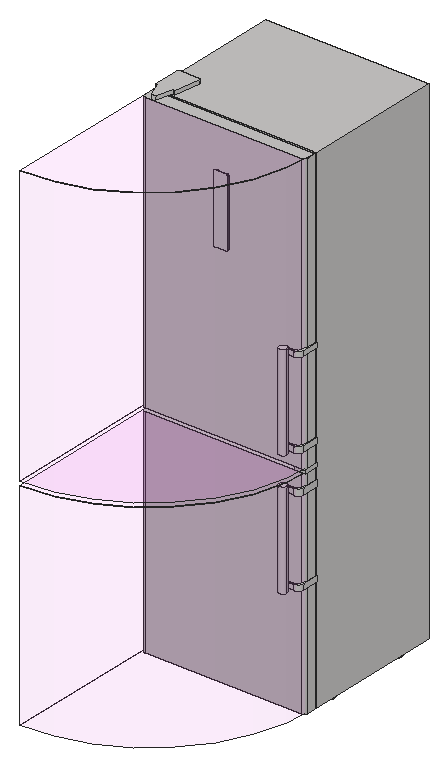
Revit family "QF_Summit_FFBF249SS2_Freezer_Refrigerator", category Specialty Equipment, Revit 2020
Family settings
  Round Connector Dimension = Use Diameter
  Part Type = Normal
  Work Plane-Based = No
  Always vertical = Yes
  Cut with Voids When Loaded = No
  Shared = No
  Room Calculation Point = No
Parameters
  Weight in Pounds = 175
  Watts = Volts * FL Amps  # 172.5 W
  Volts = 115 V
  URL Cutsheet = ""
  Specification by User = ""
  Specification by Manufacturer = ""
  Show RHD [instance] = not(Show LHD)  # yes
  Show LHD [instance] = no
  Show Clearance [instance] = yes
  Serial Number = ""
  Seismic Rating = ""
  SMACNA No = ""
  Revision Code = ""
  Refrigerant Volume = 0.00 kip
  Refrigerant Type = "R600a"
  Phase = 1
  Number of Poles = 1
  NAFEM Spec ID Number = ""
  Model = "FFBF249SS2"
  Min Ckt Ampacity = 0 A
  Max Overcurrent Protection = 0 A
  Masterspec = ""
  Manufacturer = "Summit"
  Length = 23 3/8"
  Item Number = ""
  Installed By = ""
  Identify Quantity as Lot = yes
  Height = 72 1/4"
  HP = ""
  Furnished By = ""
  Foodservice Equipment Identifier = yes
  FL Amps = 1.5 A
  Electrical Remarks = ""
  Electric Connection Type = ""
  Elec Conn RI Height = 0"
  Elec Conn Connection Height = 0"
  Description = "Freezer Refrigerator"
  Depth = 23 3/4"
  Default Elevation = 0"
  Cycle = 60 Hz
  Conn Plug = ""
  Conn Conduit = yes
  CSI MasterFormat = ""
  BTUH = 0.0 Btu/h
  Apparent Power = 0 VA
Reference planes (in)
  plane 1 "BACK": y = 0
  plane 2: z = 0
  plane 3 "LEFT": x = 0
  plane 4 "RIGHT": x = 23.375
  plane 5 "FRONT": y = -23.75
  plane 6 "TOP": z = 72.25
  plane 7 "Center Y": x = 11.6875
  plane 8 "Center X": y = -11.875
Dimensions and locks (in)
  equal spacing: plane 3 "LEFT", plane 7 "Center Y", plane 4 "RIGHT"
  "Length": plane 3 "LEFT" to plane 4 "RIGHT"
  equal spacing: plane 5 "FRONT", plane 8 "Center X", plane 1 "BACK"
  "Depth": plane 5 "FRONT" to plane 1 "BACK"
  "Height": plane 6 "TOP" to level
  aligned and locked: level to plane 2
Nested families (in)
  nested 1: "FFBF249SS2" at (0, -1.125, 0), Show Clearance <- "Show Clearance", Show LHD <- "Show LHD", Show RHD <- "Show RHD", type "FFBF249SS2"
    with Show RHD yes, Show LHD no, Show Clearance yes
Connectors (in)
  electrical at (17.27956, -1.09375, 2.03589), driven by "Volts", driven by "Watts"
    settings: on nested 1, index 1, voltage 115 V, apparent load 172.5 VA, apparent load phase1 0 VA, apparent load phase2 0 VA, apparent load phase3 0 VA, power factor 1, load classification "Other", number of poles 1, system type 30, power factor state 1, is connector primary yes, connector utility no, sub classification motor no, connector description "ELECTRICAL CONNECTION"
Definition of nested family "FFBF249SS2"
  Parameters (values of type "FFBF249SS2")
    Weight in Pounds = 0
    URL Cutsheet = ""
    Specification by User = ""
    Specification by Manufacturer = ""
    Show RHD [instance] = yes
    Show LHD [instance] = yes
    Show Clearance [instance] = yes
    Serial Number = ""
    Seismic Rating = ""
    SMACNA No = ""
    Revision Code = ""
    NAFEM Spec ID Number = ""
    Masterspec = ""
    Length = 23 3/8"
    Item Number = ""
    Installed By = ""
    Identify Quantity as Lot = yes
    Height = 72 1/4"
    Furnished By = ""
    Foodservice Equipment Identifier = yes
    Depth = 23 3/4"
    Default Elevation = 0"
    CSI MasterFormat = ""
  Reference planes (in)
    plane 1 "BACK": y = 0
    plane 2: z = 0
    plane 3 "LEFT": x = 0
    plane 4 "RIGHT": x = 23.375
    plane 5 "FRONT": y = -20.125
    plane 6 "TOP": z = 72.25
    plane 7 "Center Y": x = 11.6875
    plane 8 "Center X": y = -10.0625
    plane 9: y = 1.125
    plane 10: y = -22.625
    plane 11: y = -24.625
    plane 12: z = 0.72391
    plane 13: z = 32.25
    plane 14: z = 31.73783
    plane 15: y = -44.25
  Forms (in)
    Extrusion 1, solid
      sketch origin (-4.12865, -180, 0.72391) x (-1, 0, 0) y (0, -1, 0)
        loop
          line (-4.12865, -180) -> (-4.12865, -159.875) -> (-27.50365, -159.875) -> (-27.50365, -180) -> (-4.12865, -180)
      from 0 to 71.52609
    Extrusion 2, solid
      sketch origin (-4.12865, -180, 72.25) x (-1, 0, 0) y (0, -1, 0)
        loop
          line (-4.12865, -159.625) -> (-4.12865, -158.19787)
          arc (-4.12865, -158.19787) -> (-4.26504, -157.85467) -> (-4.59981, -157.69871) r 0.5
          arc (-4.59981, -157.69871) -> (-15.81615, -157.375) -> (-27.03248, -157.69871) r 194.48356
          arc (-27.03248, -157.69871) -> (-27.36725, -157.85467) -> (-27.50365, -158.19787) r 0.5
          line (-27.50365, -158.19787) -> (-27.50365, -159.625) -> (-4.12865, -159.625)
      from 0 to -40
    Extrusion 3, solid
      sketch origin (-10.42941, -180, 31.73783) x (-1, 0, 0) y (0, -1, 0)
        loop
          line (-10.42941, -159.625) -> (-10.42941, -158.19787)
          arc (-10.42941, -158.19787) -> (-10.5658, -157.85467) -> (-10.90057, -157.69871) r 0.5
          arc (-10.90057, -157.69871) -> (-22.11691, -157.375) -> (-33.33324, -157.69871) r 194.48356
          arc (-33.33324, -157.69871) -> (-33.66801, -157.85467) -> (-33.80441, -158.19787) r 0.5
          line (-33.80441, -158.19787) -> (-33.80441, -159.625) -> (-10.42941, -159.625)
      from 0 to -31.01392
    Extrusion 4, solid
      sketch origin (0, 0, 0) x (1, 0, 0) y (0, 1, 0)
        loop
          line (0.16203, -20.125) -> (0.16203, -20.375) -> (23.21297, -20.375) -> (23.21297, -20.125) -> (0.16203, -20.125)
      from 1.03875 to 31.47842
    Extrusion 5, solid
      sketch origin (-10.42941, -180, 32.25) x (-1, 0, 0) y (0, -1, 0)
        loop
          line (-10.59144, -159.875) -> (-10.59144, -159.625) -> (-33.64238, -159.625) -> (-33.64238, -159.875) -> (-10.59144, -159.875)
      from 0.31289 to 39.60774
    Extrusion 6, solid, visible <- "Show LHD"
      sketch origin (-6.16249, -180, 30.27894) x (-1, 0, 0) y (0, -1, 0)
        loop
          line (-6.16249, -159.54187) -> (-5.91249, -159.54187) -> (-5.91249, -157.19756)
          arc (-5.91249, -157.19756) -> (-6.13216, -156.66723) -> (-6.66249, -156.44756) r 0.75
          line (-6.66249, -156.44756) -> (-8.04107, -156.44756) -> (-8.04107, -156.69756) -> (-6.83874, -156.69756)
          arc (-6.83874, -156.69756) -> (-6.36056, -156.89563) -> (-6.16249, -157.37382) r 0.67625
          line (-6.16249, -157.37382) -> (-6.16249, -159.54187)
      from 0 to -0.81452
    Extrusion 7, solid, visible <- "Show LHD"
      sketch origin (-6.16249, -180, 17.21644) x (-1, 0, 0) y (0, -1, 0)
        loop
          line (-6.16249, -159.54187) -> (-5.91249, -159.54187) -> (-5.91249, -157.19756)
          arc (-5.91249, -157.19756) -> (-6.13216, -156.66723) -> (-6.66249, -156.44756) r 0.75
          line (-6.66249, -156.44756) -> (-8.04107, -156.44756) -> (-8.04107, -156.69756) -> (-6.83874, -156.69756)
          arc (-6.83874, -156.69756) -> (-6.36056, -156.89563) -> (-6.16249, -157.37382) r 0.67625
          line (-6.16249, -157.37382) -> (-6.16249, -159.54187)
      from 0 to 0.69512
    Extrusion 8, solid, visible <- "Show LHD"
      sketch origin (-6.16249, -180, 34.94671) x (0, 1, 0) y (1, 0, 0)
        loop
          line (159.54187, 6.16249) -> (157.37382, 6.16249)
          arc (157.37382, 6.16249) -> (156.89563, 6.36056) -> (156.69756, 6.83874) r 0.67625
          line (156.69756, 6.83874) -> (156.69756, 8.04107) -> (156.44756, 8.04107) -> (156.44756, 6.66249)
          arc (156.44756, 6.66249) -> (156.66723, 6.13216) -> (157.19756, 5.91249) r 0.75
          line (157.19756, 5.91249) -> (159.54187, 5.91249) -> (159.54187, 6.16249)
      from 0 to -0.81452
    Extrusion 9, solid, visible <- "Show LHD"
      sketch origin (-6.16249, -180, 48.00921) x (0, 1, 0) y (1, 0, 0)
        loop
          line (159.54187, 6.16249) -> (157.37382, 6.16249)
          arc (157.37382, 6.16249) -> (156.89563, 6.36056) -> (156.69756, 6.83874) r 0.67625
          line (156.69756, 6.83874) -> (156.69756, 8.04107) -> (156.44756, 8.04107) -> (156.44756, 6.66249)
          arc (156.44756, 6.66249) -> (156.66723, 6.13216) -> (157.19756, 5.91249) r 0.75
          line (157.19756, 5.91249) -> (159.54187, 5.91249) -> (159.54187, 6.16249)
      from 0 to 0.69512
    Extrusion 10, solid, visible <- "Show LHD"
      sketch origin (0, 0, 0) x (1, 0, 0) y (0, 1, 0)
        loop
          circle (1.67323, -24.08872) r 0.53628
      from 48.24446 to 34.68257
    Extrusion 11, solid, visible <- "Show LHD"
      sketch origin (0, 0, 0) x (1, 0, 0) y (0, 1, 0)
        loop
          circle (1.67323, -24.08872) r 0.53628
      from 30.54934 to 16.88204
    Extrusion 12, solid
      sketch origin (0, 0, 0) x (1, 0, 0) y (0, 0, 1)
        loop
          arc (10.91713, 66.78211) -> (10.74035, 66.70889) -> (10.66713, 66.53211) r 0.25
          line (10.66713, 66.53211) -> (10.66713, 57.09461)
          arc (10.66713, 57.09461) -> (10.74035, 56.91784) -> (10.91713, 56.84461) r 0.25
          line (10.91713, 56.84461) -> (12.41713, 56.84461)
          arc (12.41713, 56.84461) -> (12.5939, 56.91784) -> (12.66713, 57.09461) r 0.25
          line (12.66713, 57.09461) -> (12.66713, 66.53211)
          arc (12.66713, 66.53211) -> (12.5939, 66.70889) -> (12.41713, 66.78211) r 0.25
          line (12.41713, 66.78211) -> (10.91713, 66.78211)
      from 22.54139 to 22.70061
    Extrusion 13, solid
      sketch origin (0, 0, 0) x (0, 1, 0) y (0, 0, 1)
        loop
          line (-20.125, 32.25) -> (-22.11198, 32.25) -> (-22.11198, 31.73783) -> (-20.125, 31.73783) -> (-20.125, 32.25)
      from 21.80681 to 23.375
    Extrusion 14, solid
      sketch origin (-10.42941, -180, 31.73783) x (-1, 0, 0) y (0, -1, 0)
        loop
          line (-12.92941, -181.125) -> (-12.92941, -180) -> (-13.8691, -180.34202) -> (-30.3691, -180.34202) -> (-31.36691, -180) -> (-31.36691, -181.125) -> (-12.92941, -181.125)
      from 0 to -3
    Extrusion 15, solid, visible <- "Show LHD"
      sketch origin (-4.12865, -180, 72.25) x (-1, 0, 0) y (0, -1, 0)
        loop
          arc (-24.43797, -164.17633) -> (-24.2841, -164.1054) -> (-24.23811, -163.94233) r 0.20235
          line (-24.23811, -163.94233) -> (-24.82469, -160.23883) -> (-25.13719, -160.23883) -> (-25.81903, -158.14033)
          arc (-25.81903, -158.14033) -> (-26.13284, -157.90812) -> (-26.45457, -158.12924) r 0.33613
          line (-26.45457, -158.12924) -> (-27.2224, -160.23883) -> (-27.50365, -160.23883) -> (-27.50365, -163.84331)
          arc (-27.50365, -163.84331) -> (-27.40611, -164.07879) -> (-27.17063, -164.17633) r 0.33302
          line (-27.17063, -164.17633) -> (-24.43797, -164.17633)
      from 0 to 0.5
    Revolve 16, solid
      sketch origin (-240, -16.125, 7.79812) x (0, 0, 1) y (-1, 0, 0)
        loop
          line (-7.07421, -241.14046) -> (-7.79812, -241.14046) -> (-7.79812, -241.89046) -> (-7.29812, -241.89046) -> (-7.29812, -241.39046) -> (-7.07421, -241.39046) -> (-7.07421, -241.14046)
        axis (-7.79812, -241.14046) -> (-7.07421, -241.14046)
      angle from 0 to 360
    Revolve 17, solid
      sketch origin (-240, -16.125, 7.79812) x (0, 0, 1) y (-1, 0, 0)
        loop
          line (-7.07421, -261.98454) -> (-7.07421, -261.73454) -> (-7.29812, -261.73454) -> (-7.29812, -261.23454) -> (-7.79812, -261.23454) -> (-7.79812, -261.98454) -> (-7.07421, -261.98454)
        axis (-7.79812, -261.98454) -> (-7.07421, -261.98454)
      angle from 0 to 360
    Revolve 18, solid
      sketch origin (-240, -4, 7.79812) x (0, 0, 1) y (1, 0, 0)
        loop
          line (-7.07421, 241.14046) -> (-7.07421, 241.39046) -> (-7.29812, 241.39046) -> (-7.29812, 241.89046) -> (-7.79812, 241.89046) -> (-7.79812, 241.14046) -> (-7.07421, 241.14046)
        axis (-7.79812, 241.14046) -> (-7.07421, 241.14046)
      angle from 0 to 360
    Revolve 19, solid
      sketch origin (-240, -4, 7.79812) x (0, 0, 1) y (1, 0, 0)
        loop
          line (-7.07421, 261.98454) -> (-7.79812, 261.98454) -> (-7.79812, 261.23454) -> (-7.29812, 261.23454) -> (-7.29812, 261.73454) -> (-7.07421, 261.73454) -> (-7.07421, 261.98454)
        axis (-7.79812, 261.98454) -> (-7.07421, 261.98454)
      angle from 0 to 360
    Extrusion 20, solid, visible <- "Show LHD"
      sketch origin (-10.42941, -180, 31.73783) x (-1, 0, 0) y (0, -1, 0)
        loop
          line (-33.80441, -159.625) -> (-10.43475, -159.625)
          arc (-10.43475, -159.625) -> (-17.09994, -142.77411) -> (-33.80441, -135.75) r 23.375
          line (-33.80441, -135.75) -> (-33.80441, -159.625)
      from 0 to -31.01392
    Extrusion 21, solid
      sketch origin (0, 0, 0) x (1, 0, 0) y (0, 0, 1)
        loop
          circle (17.27956, 2.03589) r 0.25
      from 0 to -0.03125
    Extrusion 22, solid, visible <- "Show LHD"
      sketch origin (-4.12865, -180, 73.75) x (-1, 0, 0) y (0, -1, 0)
        loop
          line (-27.50365, -159.625) -> (-4.134, -159.625)
          arc (-4.134, -159.625) -> (-10.79919, -142.77411) -> (-27.50365, -135.75) r 23.375
          line (-27.50365, -135.75) -> (-27.50365, -159.625)
      from -1.5 to -41.5
    Extrusion 23, solid, visible <- "Show RHD"
      sketch origin (29.53749, -180, 30.27894) x (1, 0, 0) y (0, 1, 0)
        loop
          line (-6.16249, 159.54187) -> (-6.16249, 157.37382)
          arc (-6.16249, 157.37382) -> (-6.36056, 156.89563) -> (-6.83874, 156.69756) r 0.67625
          line (-6.83874, 156.69756) -> (-8.04107, 156.69756) -> (-8.04107, 156.44756) -> (-6.66249, 156.44756)
          arc (-6.66249, 156.44756) -> (-6.13216, 156.66723) -> (-5.91249, 157.19756) r 0.75
          line (-5.91249, 157.19756) -> (-5.91249, 159.54187) -> (-6.16249, 159.54187)
      from 0 to -0.81452
    Extrusion 24, solid, visible <- "Show RHD"
      sketch origin (29.53749, -180, 17.21644) x (1, 0, 0) y (0, 1, 0)
        loop
          line (-6.16249, 159.54187) -> (-6.16249, 157.37382)
          arc (-6.16249, 157.37382) -> (-6.36056, 156.89563) -> (-6.83874, 156.69756) r 0.67625
          line (-6.83874, 156.69756) -> (-8.04107, 156.69756) -> (-8.04107, 156.44756) -> (-6.66249, 156.44756)
          arc (-6.66249, 156.44756) -> (-6.13216, 156.66723) -> (-5.91249, 157.19756) r 0.75
          line (-5.91249, 157.19756) -> (-5.91249, 159.54187) -> (-6.16249, 159.54187)
      from 0 to 0.69512
    Extrusion 25, solid, visible <- "Show RHD"
      sketch origin (29.53749, -180, 34.94671) x (0, -1, 0) y (-1, 0, 0)
        loop
          line (-159.54187, 6.16249) -> (-159.54187, 5.91249) -> (-157.19756, 5.91249)
          arc (-157.19756, 5.91249) -> (-156.66723, 6.13216) -> (-156.44756, 6.66249) r 0.75
          line (-156.44756, 6.66249) -> (-156.44756, 8.04107) -> (-156.69756, 8.04107) -> (-156.69756, 6.83874)
          arc (-156.69756, 6.83874) -> (-156.89563, 6.36056) -> (-157.37382, 6.16249) r 0.67625
          line (-157.37382, 6.16249) -> (-159.54187, 6.16249)
      from 0 to -0.81452
    Extrusion 26, solid, visible <- "Show RHD"
      sketch origin (29.53749, -180, 48.00921) x (0, -1, 0) y (-1, 0, 0)
        loop
          line (-159.54187, 6.16249) -> (-159.54187, 5.91249) -> (-157.19756, 5.91249)
          arc (-157.19756, 5.91249) -> (-156.66723, 6.13216) -> (-156.44756, 6.66249) r 0.75
          line (-156.44756, 6.66249) -> (-156.44756, 8.04107) -> (-156.69756, 8.04107) -> (-156.69756, 6.83874)
          arc (-156.69756, 6.83874) -> (-156.89563, 6.36056) -> (-157.37382, 6.16249) r 0.67625
          line (-157.37382, 6.16249) -> (-159.54187, 6.16249)
      from 0 to 0.69512
    Extrusion 27, solid, visible <- "Show RHD"
      sketch origin (23.375, 0, 0) x (-1, 0, 0) y (0, -1, 0)
        loop
          circle (1.67323, 24.08872) r 0.53628
      from 48.24446 to 34.68257
    Extrusion 28, solid, visible <- "Show RHD"
      sketch origin (23.375, 0, 0) x (-1, 0, 0) y (0, -1, 0)
        loop
          circle (1.67323, 24.08872) r 0.53628
      from 30.54934 to 16.88204
    Extrusion 29, solid, visible <- "Show RHD"
      sketch origin (33.80441, -180, 31.73783) x (1, 0, 0) y (0, 1, 0)
        loop
          line (-33.80441, 159.625) -> (-33.80441, 135.75)
          arc (-33.80441, 135.75) -> (-17.09994, 142.77411) -> (-10.43475, 159.625) r 23.375
          line (-10.43475, 159.625) -> (-33.80441, 159.625)
      from 0 to -31.01392
    Extrusion 30, solid, visible <- "Show RHD"
      sketch origin (27.50365, -180, 73.75) x (1, 0, 0) y (0, 1, 0)
        loop
          line (-27.50365, 159.625) -> (-27.50365, 135.75)
          arc (-27.50365, 135.75) -> (-10.79919, 142.77411) -> (-4.134, 159.625) r 23.375
          line (-4.134, 159.625) -> (-27.50365, 159.625)
      from -1.5 to -41.5
    Extrusion 31, solid, visible <- "Show RHD"
      sketch origin (27.50365, -180, 72.25) x (1, 0, 0) y (0, 1, 0)
        loop
          line (-24.43797, 164.17633) -> (-27.17063, 164.17633)
          arc (-27.17063, 164.17633) -> (-27.40611, 164.07879) -> (-27.50365, 163.84331) r 0.33302
          line (-27.50365, 163.84331) -> (-27.50365, 160.23883) -> (-27.2224, 160.23883) -> (-26.45457, 158.12924)
          arc (-26.45457, 158.12924) -> (-26.13284, 157.90812) -> (-25.81903, 158.14033) r 0.33613
          line (-25.81903, 158.14033) -> (-25.13719, 160.23883) -> (-24.82469, 160.23883) -> (-24.23811, 163.94233)
          arc (-24.23811, 163.94233) -> (-24.2841, 164.1054) -> (-24.43797, 164.17633) r 0.20235
      from 0 to 0.5
  Cuts and joins
    joined: Extrusion 2, Extrusion 12
  Lines and regions (in)
    Split face 1
      outline origin (10.91713, -22.70061, 66.78211) x (-1, 0, 0) y (0, 0, -1)
        loop
          line (0, 0.25) -> (0, 5.25) -> (-1.5, 5.25) -> (-1.5, 0.25) -> (0, 0.25)
    symbolic lines, visible <- "Show LHD"
      curve 1: arc (0.00535, -20.375, 0) -> (0.68024, -26.47308, 0) -> (2.91862, -32.18549, 0) r 23.375
      curve 2: line (23.37273, -20.3749, 0) -> (2.91862, -32.18549, 0)
      curve 12: line (0.00004, -20.45813, 0) -> (-0.25, -20.45813, 0)
      curve 13: line (0.00004, -22.62619, 0) -> (0.00004, -20.45813, 0)
      curve 14: arc (0.00004, -22.62619, 0) -> (0.1981, -23.10436, 0) -> (0.67627, -23.30242, 0) r 0.67623
      curve 15: arc (0.5, -23.55244, 0) -> (-0.03033, -23.33277, 0) -> (-0.25, -22.80244, 0) r 0.75
      curve 16: line (-0.25, -20.45813, 0) -> (-0.25, -22.80244, 0)
      curve 17: line (1.87859, -23.30242, 0) -> (0.67627, -23.30242, 0)
      curve 18: line (0.5, -23.55244, 0) -> (1.87859, -23.55244, 0)
      curve 19: line (1.87859, -23.55244, 0) -> (1.87859, -23.30242, 0)
      curve 20: arc (2.20952, -24.08872, 0) -> (1.67323, -23.55244, 0) -> (1.13695, -24.08872, 0) r 0.53628
      curve 21: arc (1.13695, -24.08872, 0) -> (1.67323, -24.625, 0) -> (2.20952, -24.08872, 0) r 0.53628
      curve 24: line (23.37273, -20.3749, 0) -> (22.87036, -20.3749, 0)
      curve 27: line (23.21297, -20.3749, 0) -> (23.21297, -20.125, 0)
      curve 28: line (0, -20.125, 0) -> (21.12675, -20.125, 0)
      curve 29: line (0.16203, -20.125, 0) -> (0.16203, -20.375, 0)
      curve 30: line (22.96132, -20.125, 0) -> (23.375, -20.125, 0)
      curve 31: arc (23.375, -16.15669, 0) -> (23.27746, -15.92121, 0) -> (23.04198, -15.82367, 0) r 0.33302
      curve 32: line (23.04198, -15.82367, 0) -> (20.30932, -15.82367, 0)
      curve 33: arc (20.30932, -15.82367, 0) -> (20.15545, -15.8946, 0) -> (20.10946, -16.05767, 0) r 0.20235
      curve 34: line (20.10946, -16.05767, 0) -> (20.69604, -19.76117, 0)
      curve 35: line (20.69604, -19.76117, 0) -> (21.00854, -19.76117, 0)
      curve 36: line (23.09374, -19.76117, 0) -> (23.375, -19.76117, 0)
      curve 37: line (22.32592, -21.87076, 0) -> (23.09374, -19.76117, 0)
      curve 38: arc (21.69038, -21.85967, 0) -> (22.00419, -22.09187, 0) -> (22.32592, -21.87076, 0) r 0.33613
      curve 39: line (21.00854, -19.76117, 0) -> (21.69038, -21.85967, 0)
      curve 40: line (21.20798, -20.375, 0) -> (0.00535, -20.375, 0)
    symbolic lines
      curve 3: line (20.9375, 1.125, 0) -> (2.5, 1.125, 0)
      curve 4: line (2.5, 1.125, 0) -> (2.5, 0, 0)
      curve 5: line (2.5, 0, 0) -> (3.43969, 0.34202, 0)
      curve 6: line (3.43969, 0.34202, 0) -> (19.93969, 0.34202, 0)
      curve 7: line (19.93969, 0.34202, 0) -> (20.9375, 0, 0)
      curve 8: line (20.9375, 0, 0) -> (20.9375, 1.125, 0)
      curve 9: line (23.375, 0, 0) -> (0, 0, 0)
      curve 10: line (0, 0, 0) -> (0, -20.125, 0)
      curve 11: line (23.375, -20.125, 0) -> (23.375, 0, 0)
      curve 22: arc (0.00004, -21.80171, 0) -> (0.13635, -22.1447, 0) -> (0.4709, -22.30055, 0) r 0.49967
      curve 23: arc (0.4709, -22.30055, 0) -> (11.68675, -22.62425, 0) -> (22.9026, -22.30058, 0) r 194.48316
      curve 25: arc (22.9026, -22.30058, 0) -> (23.23664, -22.14496, 0) -> (23.37273, -21.80251, 0) r 0.4989
      curve 26: line (23.37273, -21.80251, 0) -> (23.37273, -20.3749, 0)
      curve 71: line (0, -21.80213, 0) -> (0, -20.375, 0)
    symbolic lines, visible <- "Show RHD"
      curve 41: arc (23.37273, -20.3749, 0) -> (22.69767, -26.47345, 0) -> (20.45898, -32.18627, 0) r 23.37651
      curve 42: line (0.00535, -20.375, 0) -> (20.45898, -32.18627, 0)
      curve 43: line (21.49641, -23.30244, 0) -> (22.69875, -23.30244, 0)
      curve 44: line (22.875, -23.55244, 0) -> (21.49641, -23.55244, 0)
      curve 45: line (21.49641, -23.55244, 0) -> (21.49641, -23.30244, 0)
      curve 46: arc (21.16548, -24.08872, 0) -> (21.70177, -23.55244, 0) -> (22.23805, -24.08872, 0) r 0.53628
      curve 47: arc (22.23805, -24.08872, 0) -> (21.70177, -24.625, 0) -> (21.16548, -24.08872, 0) r 0.53628
      curve 48: line (23.375, -20.45813, 0) -> (23.625, -20.45813, 0)
      curve 49: line (23.375, -22.62618, 0) -> (23.375, -20.45813, 0)
      curve 50: arc (23.375, -22.62618, 0) -> (23.17693, -23.10437, 0) -> (22.69875, -23.30244, 0) r 0.67625
      curve 51: arc (22.875, -23.55244, 0) -> (23.40533, -23.33277, 0) -> (23.625, -22.80244, 0) r 0.75
      curve 52: line (23.625, -20.45813, 0) -> (23.625, -22.80244, 0)
      curve 53: line (21.49641, -23.30244, 0) -> (22.69875, -23.30244, 0)
      curve 54: line (22.875, -23.55244, 0) -> (21.49641, -23.55244, 0)
      curve 55: line (21.49641, -23.55244, 0) -> (21.49641, -23.30244, 0)
      curve 56: arc (0, -16.15669, 0) -> (0.09754, -15.92121, 0) -> (0.33302, -15.82367, 0) r 0.33302
      curve 57: line (0.33302, -15.82367, 0) -> (3.06568, -15.82367, 0)
      curve 58: arc (3.06568, -15.82367, 0) -> (3.21955, -15.8946, 0) -> (3.26554, -16.05767, 0) r 0.20235
      curve 59: line (3.26554, -16.05767, 0) -> (2.67896, -19.76117, 0)
      curve 60: line (2.67896, -19.76117, 0) -> (2.36645, -19.76117, 0)
      curve 61: line (0.28125, -19.76117, 0) -> (0, -19.76117, 0)
      curve 62: line (1.04908, -21.87076, 0) -> (0.28125, -19.76117, 0)
      curve 63: arc (1.68462, -21.85967, 0) -> (1.3708, -22.09187, 0) -> (1.04908, -21.87076, 0) r 0.33613
      curve 64: line (2.36645, -19.76117, 0) -> (1.68462, -21.85967, 0)
      curve 65: line (0.00535, -20.375, 0) -> (0.50467, -20.375, 0)
      curve 66: line (0.16203, -20.375, 0) -> (0.16203, -20.125, 0)
      curve 67: line (23.375, -20.125, 0) -> (2.24824, -20.125, 0)
      curve 68: line (23.21297, -20.125, 0) -> (23.21297, -20.3749, 0)
      curve 69: line (0.41367, -20.125, 0) -> (0, -20.125, 0)
      curve 70: line (2.16704, -20.3749, 0) -> (23.37273, -20.3749, 0)
  Dimensions and locks (in)
    equal spacing: plane 3 "LEFT", plane 7 "Center Y", plane 4 "RIGHT"
    "Length": plane 3 "LEFT" to plane 4 "RIGHT"
    equal spacing: plane 5 "FRONT", plane 8 "Center X", plane 1 "BACK"
    plane 5 "FRONT" to plane 1 "BACK" = 20 1/8"
    "Height": plane 6 "TOP" to level
    plane 9 to plane 10 = 23 3/4"
    plane 9 to plane 1 "BACK" = 1 1/8"
    plane 6 "TOP" to plane 13 = 40"
    plane 14 to plane 12 = 31.01392"
    plane 9 to plane 15 = 45 3/8"
    "Depth": plane 9 to plane 10
    aligned and locked: level to plane 2
  Automatic sketch dimensions
    plane 1 "BACK" to Extrusion 1 sketch curve = 0"
    Extrusion 1 sketch curve to plane 4 "RIGHT" = 0"
    Extrusion 1 sketch curve to plane 3 "LEFT" = 0"
    plane 5 "FRONT" to Extrusion 1 sketch curve = 0"
    Extrusion 2 sketch curve to Extrusion 1 = 0"  (x2)
    Extrusion 2 sketch curve to Extrusion 2 sketch curve = 1/2"  (x2)
    Extrusion 2 sketch curve to Extrusion 1 = 11 11/16"
    Extrusion 1 to Extrusion 2 sketch curve = 171.85856"
    Extrusion 1 to Extrusion 2 sketch curve = 1/4"
    Extrusion 2 sketch curve to Extrusion 2 sketch curve = 1.42713"  (x2)
    Extrusion 2 sketch curve to Extrusion 2 sketch curve = 0"
    Extrusion 3 sketch curve to plane 4 "RIGHT" = 0"
    Extrusion 3 sketch curve to plane 7 "Center Y" = 0"
    Extrusion 3 sketch curve to plane 3 "LEFT" = 0"
    Extrusion 3 sketch curve to Extrusion 3 sketch curve = 1/2"  (x2)
    plane 9 to Extrusion 3 sketch curve = 170.73356"
    plane 5 "FRONT" to Extrusion 3 sketch curve = 1/4"
    plane 10 to Extrusion 3 sketch curve = 0.82287"  (x2)
    Extrusion 3 sketch curve to Extrusion 3 sketch curve = 0"
    plane 5 "FRONT" to Extrusion 4 sketch curve = 0"
    plane 3 "LEFT" to Extrusion 4 sketch curve = 0.16203"
    plane 4 "RIGHT" to Extrusion 4 sketch curve = 0.16203"
    plane 5 "FRONT" to Extrusion 4 sketch curve = 1/4"
    plane 5 "FRONT" to Extrusion 5 sketch curve = 0"
    plane 4 "RIGHT" to Extrusion 5 sketch curve = 0.16203"
    plane 3 "LEFT" to Extrusion 5 sketch curve = 0.16203"
    plane 5 "FRONT" to Extrusion 5 sketch curve = 1/4"
    Extrusion 6 sketch curve to plane 3 "LEFT" = 0"
    Extrusion 6 sketch curve to plane 10 = 0.17744"
    plane 3 "LEFT" to Extrusion 6 sketch curve = 1/2"
    Extrusion 6 sketch curve to Extrusion 6 sketch curve = 0.17625"
    Extrusion 6 sketch curve to Extrusion 6 sketch curve = 1.20233"
    Extrusion 6 sketch curve to plane 3 "LEFT" = 1/4"
    Extrusion 6 sketch curve to plane 10 = 0.00118"
    plane 5 "FRONT" to Extrusion 6 sketch curve = 0.33313"
    Extrusion 7 sketch curve to plane 3 "LEFT" = 0"
    Extrusion 7 sketch curve to plane 10 = 0.17744"
    plane 3 "LEFT" to Extrusion 7 sketch curve = 1/2"
    Extrusion 7 sketch curve to Extrusion 7 sketch curve = 0.17625"
    Extrusion 7 sketch curve to Extrusion 7 sketch curve = 1.20233"
    Extrusion 7 sketch curve to plane 3 "LEFT" = 1/4"
    Extrusion 7 sketch curve to plane 10 = 0.00118"
    plane 5 "FRONT" to Extrusion 7 sketch curve = 0.33313"
    Extrusion 8 sketch curve to plane 3 "LEFT" = 0"
    Extrusion 8 sketch curve to plane 10 = 0.92744"
    Extrusion 8 sketch curve to Extrusion 8 sketch curve = 1/4"
    Extrusion 8 sketch curve to plane 10 = 0.17744"
    Extrusion 8 sketch curve to plane 10 = 0.00118"
    plane 5 "FRONT" to Extrusion 8 sketch curve = 0.33313"
    Extrusion 8 sketch curve to Extrusion 8 sketch curve = 1.20233"
    Extrusion 8 sketch curve to Extrusion 8 sketch curve = 0.17625"
    Extrusion 9 sketch curve to plane 3 "LEFT" = 0"
    Extrusion 9 sketch curve to plane 10 = 0.92744"
    Extrusion 9 sketch curve to Extrusion 9 sketch curve = 1/4"
    Extrusion 9 sketch curve to plane 10 = 0.17744"
    Extrusion 9 sketch curve to plane 10 = 0.00118"
    plane 5 "FRONT" to Extrusion 9 sketch curve = 0.33313"
    Extrusion 9 sketch curve to Extrusion 9 sketch curve = 1.20233"
    Extrusion 9 sketch curve to Extrusion 9 sketch curve = 0.17625"
    plane 11 to Extrusion 10 sketch curve = 0.53628"
    plane 3 "LEFT" to Extrusion 10 sketch curve = 1.67323"
    plane 11 to Extrusion 11 sketch curve = 0.53628"
    plane 3 "LEFT" to Extrusion 11 sketch curve = 1.67323"
    Extrusion 12 sketch curve to plane 7 "Center Y" = 1.02037"
    Extrusion 12 sketch curve to Extrusion 12 sketch curve = 1/4"  (x3)
    plane 7 "Center Y" to Extrusion 12 sketch curve = 0.72963"  (x2)
    Extrusion 12 sketch curve to plane 6 "TOP" = 15.40539"
    Extrusion 12 sketch curve to plane 6 "TOP" = 5.71789"
    Split face 1 sketch curve to cut or joined group of Extrusion 2, Extrusion 12 = 1/4"  (x3)
    Split face 1 sketch curve to cut or joined group of Extrusion 2, Extrusion 12 = 4 11/16"
    Extrusion 13 sketch curve to plane 13 = 0"
    Extrusion 13 sketch curve to plane 14 = 0"
    Extrusion 13 sketch curve to plane 5 "FRONT" = 0"
    plane 10 to Extrusion 13 sketch curve = 0.51302"
    Extrusion 14 sketch curve to plane 9 = 0"
    plane 1 "BACK" to Extrusion 14 sketch curve = 0"  (x2)
    plane 4 "RIGHT" to Extrusion 14 sketch curve = 2 7/16"
    Extrusion 14 sketch curve to plane 1 "BACK" = 0.34202"
    Extrusion 14 sketch curve to Extrusion 14 sketch curve = 0.99781"
    plane 3 "LEFT" to Extrusion 14 sketch curve = 3.43969"
    Extrusion 14 sketch curve to Extrusion 14 sketch curve = 0.93969"
    Extrusion 15 sketch curve to Extrusion 1 = 0"
    Extrusion 15 sketch curve to Extrusion 15 sketch curve = 9/32"
    Extrusion 15 sketch curve to Extrusion 1 = 0.33302"
    Extrusion 15 sketch curve to Extrusion 1 = 1.04908"
    Extrusion 15 sketch curve to Extrusion 15 sketch curve = 0.31586"
    Extrusion 15 sketch curve to Extrusion 15 sketch curve = 0.31968"
    Extrusion 15 sketch curve to Extrusion 1 = 0.36383"  (x2)
    Extrusion 15 sketch curve to Extrusion 15 sketch curve = 2.08521"
    Extrusion 15 sketch curve to Extrusion 15 sketch curve = 5/16"
    Extrusion 15 sketch curve to Extrusion 15 sketch curve = 2.73266"
    Extrusion 15 sketch curve to Extrusion 15 sketch curve = 0.19986"
    Extrusion 15 sketch curve to Extrusion 1 = 3.96831"
    Extrusion 15 sketch curve to Extrusion 15 sketch curve = 0.234"
    Extrusion 1 to Extrusion 15 sketch curve = 1.6308"
    Extrusion 15 sketch curve to Extrusion 15 sketch curve = 0.10387"
    Revolve 16 sketch curve to level = 0"  (x2)
    Revolve 16 sketch curve to plane 12 = 0"
    Revolve 16 sketch curve to Revolve 16 sketch curve = 0.22391"
    plane 3 "LEFT" to Revolve 16 sketch curve = 1.89046"
    Revolve 16 sketch curve to Revolve 16 sketch curve = 1/2"
    Revolve 16 sketch curve to Revolve 16 sketch curve = 1/4"
    Revolve 16 sketch curve to Revolve 16 sketch curve = 0.13805"
    Revolve 16 sketch curve to Revolve 16 sketch curve = 0"
    Revolve 17 sketch curve to level = 0"  (x2)
    Revolve 17 sketch curve to plane 12 = 0"
    Revolve 17 sketch curve to plane 12 = 0.22391"
    plane 4 "RIGHT" to Revolve 17 sketch curve = 1.39046"
    Revolve 17 sketch curve to Revolve 17 sketch curve = 1/4"
    Revolve 17 sketch curve to Revolve 17 sketch curve = 1/2"
    Revolve 17 sketch curve to Revolve 17 sketch curve = 0.13805"
    Revolve 17 sketch curve to Revolve 17 sketch curve = 0"
    Revolve 18 sketch curve to level = 0"  (x2)
    Revolve 18 sketch curve to plane 12 = 0"
    Revolve 18 sketch curve to Revolve 18 sketch curve = 0.22391"
    plane 3 "LEFT" to Revolve 18 sketch curve = 1.14046"
    Revolve 18 sketch curve to Revolve 18 sketch curve = 1/4"
    Revolve 18 sketch curve to Revolve 18 sketch curve = 1/2"
    Revolve 18 sketch curve to Revolve 18 sketch curve = 0.13805"
    Revolve 18 sketch curve to Revolve 18 sketch curve = 0"
    Revolve 19 sketch curve to level = 0"  (x2)
    Revolve 19 sketch curve to plane 12 = 0"
    Revolve 19 sketch curve to plane 12 = 0.22391"
    plane 4 "RIGHT" to Revolve 19 sketch curve = 2.14046"
    Revolve 19 sketch curve to Revolve 19 sketch curve = 1/2"
    Revolve 19 sketch curve to Revolve 19 sketch curve = 1/4"
    Revolve 19 sketch curve to Revolve 19 sketch curve = 0.13805"
    Revolve 19 sketch curve to Revolve 19 sketch curve = 0"
    Extrusion 20 sketch curve to plane 4 "RIGHT" = 0"
    Extrusion 20 sketch curve to plane 15 = 0"
    plane 3 "LEFT" to Extrusion 20 sketch curve = 0.00535"
    plane 1 "BACK" to Extrusion 20 sketch curve = 20 7/8"
    plane 12 to Extrusion 21 sketch curve = 1.31198"
    plane 7 "Center Y" to Extrusion 21 sketch curve = 5.59206"
    Extrusion 22 sketch curve to plane 4 "RIGHT" = 0"
    Extrusion 22 sketch curve to plane 15 = 0"
    plane 3 "LEFT" to Extrusion 22 sketch curve = 0.00535"
    plane 1 "BACK" to Extrusion 22 sketch curve = 20 7/8"
    Extrusion 23 sketch curve to plane 4 "RIGHT" = 0"
    Extrusion 23 sketch curve to plane 10 = 0.17744"
    plane 4 "RIGHT" to Extrusion 23 sketch curve = 1/2"
    Extrusion 23 sketch curve to Extrusion 23 sketch curve = 0.17625"
    Extrusion 23 sketch curve to Extrusion 23 sketch curve = 1.20233"
    Extrusion 23 sketch curve to plane 4 "RIGHT" = 1/4"
    Extrusion 23 sketch curve to Extrusion 23 sketch curve = 1/4"
    plane 5 "FRONT" to Extrusion 23 sketch curve = 0.33313"
    Extrusion 24 sketch curve to plane 4 "RIGHT" = 0"
    Extrusion 24 sketch curve to plane 10 = 0.17744"
    plane 4 "RIGHT" to Extrusion 24 sketch curve = 1/2"
    Extrusion 24 sketch curve to Extrusion 24 sketch curve = 0.17625"
    Extrusion 24 sketch curve to Extrusion 24 sketch curve = 1.20233"
    Extrusion 24 sketch curve to plane 4 "RIGHT" = 1/4"
    Extrusion 24 sketch curve to Extrusion 24 sketch curve = 1/4"
    plane 5 "FRONT" to Extrusion 24 sketch curve = 0.33313"
    Extrusion 25 sketch curve to plane 4 "RIGHT" = 0"
    plane 5 "FRONT" to Extrusion 25 sketch curve = 0.33313"
    Extrusion 25 sketch curve to plane 10 = 0.00118"
    Extrusion 25 sketch curve to plane 10 = 0.17744"
    Extrusion 25 sketch curve to plane 10 = 0.67744"
    Extrusion 25 sketch curve to Extrusion 25 sketch curve = 1/4"
    Extrusion 25 sketch curve to Extrusion 25 sketch curve = 1.20233"
    Extrusion 25 sketch curve to Extrusion 25 sketch curve = 0.17625"
    Extrusion 26 sketch curve to plane 4 "RIGHT" = 0"
    plane 5 "FRONT" to Extrusion 26 sketch curve = 0.33313"
    Extrusion 26 sketch curve to plane 10 = 0.00118"
    Extrusion 26 sketch curve to plane 10 = 0.17744"
    Extrusion 26 sketch curve to plane 10 = 0.67744"
    Extrusion 26 sketch curve to Extrusion 26 sketch curve = 1/4"
    Extrusion 26 sketch curve to Extrusion 26 sketch curve = 1.20233"
    Extrusion 26 sketch curve to Extrusion 26 sketch curve = 0.17625"
    Extrusion 27 sketch curve to plane 11 = 0.53628"
    Extrusion 27 sketch curve to plane 4 "RIGHT" = 1.67323"
    Extrusion 28 sketch curve to plane 11 = 0.53628"
    Extrusion 28 sketch curve to plane 4 "RIGHT" = 1.67323"
    Extrusion 29 sketch curve to plane 3 "LEFT" = 0"
    Extrusion 29 sketch curve to plane 15 = 0"
    plane 4 "RIGHT" to Extrusion 29 sketch curve = 0.00535"
    plane 1 "BACK" to Extrusion 29 sketch curve = 20 7/8"
    Extrusion 30 sketch curve to plane 3 "LEFT" = 0"
    Extrusion 30 sketch curve to plane 15 = 0"
    plane 4 "RIGHT" to Extrusion 30 sketch curve = 0.00535"
    plane 1 "BACK" to Extrusion 30 sketch curve = 20 7/8"
    Extrusion 31 sketch curve to Extrusion 1 = 0"
    Extrusion 31 sketch curve to Extrusion 1 = 9/32"
    Extrusion 31 sketch curve to Extrusion 1 = 0.33302"
    Extrusion 31 sketch curve to Extrusion 1 = 1.04908"
    Extrusion 31 sketch curve to Extrusion 31 sketch curve = 0.31586"
    Extrusion 31 sketch curve to Extrusion 31 sketch curve = 0.31968"
    Extrusion 31 sketch curve to Extrusion 1 = 0.36383"  (x2)
    Extrusion 31 sketch curve to Extrusion 31 sketch curve = 2.08521"
    Extrusion 31 sketch curve to Extrusion 31 sketch curve = 5/16"
    Extrusion 31 sketch curve to Extrusion 31 sketch curve = 2.73266"
    Extrusion 31 sketch curve to Extrusion 31 sketch curve = 0.19986"
    Extrusion 1 to Extrusion 31 sketch curve = 1.6308"
    Extrusion 31 sketch curve to Extrusion 31 sketch curve = 0.10387"
    Extrusion 31 sketch curve to Extrusion 31 sketch curve = 3.60448"
    Extrusion 31 sketch curve to Extrusion 31 sketch curve = 0.234"
    curve 20 to curve 21 = 0"  (x2)
    curve 46 to curve 47 = 0"  (x2)
    curve 56 to plane 3 "LEFT" = 0"
    curve 71 to plane 3 "LEFT" = 0"
    plane 5 "FRONT" to curve 29 = 0"
    plane 1 "BACK" to curve 5 = 0"
    curve 4 to plane 9 = 0"
    curve 30 to plane 4 "RIGHT" = 0"
    curve 50 to plane 4 "RIGHT" = 0"
    curve 1 to plane 4 "RIGHT" = 0"
    curve 12 to plane 3 "LEFT" = 1/4"
    plane 3 "LEFT" to curve 13 = 0.00004"
    plane 3 "LEFT" to curve 41 = 0.00157"
    curve 71 to curve 65 = 0.00535"
    plane 3 "LEFT" to curve 62 = 9/32"
    plane 3 "LEFT" to curve 56 = 0.33302"
    curve 22 to curve 22 = 0.49967"
    plane 3 "LEFT" to curve 18 = 1/2"
    curve 14 to plane 10 = 0.00119"
    curve 15 to curve 14 = 0.17627"
    curve 22 to curve 62 = 0.54936"
    curve 62 to curve 63 = 0.31586"
    plane 11 to curve 20 = 0.53628"
    curve 17 to curve 20 = 0.99696"
    plane 10 to curve 64 = 0.76533"
    curve 63 to curve 64 = 0.31968"
    curve 21 to curve 19 = 0.20535"
    curve 64 to plane 5 "FRONT" = 0.36383"
    curve 61 to curve 64 = 2.0852"
    plane 3 "LEFT" to curve 5 = 2 1/2"
    curve 60 to curve 60 = 5/16"
    plane 3 "LEFT" to curve 2 = 2.91862"
    curve 56 to curve 57 = 2.73266"
    curve 58 to curve 59 = 0.19986"
    curve 5 to plane 1 "BACK" = 0.34202"
    curve 4 to curve 5 = 0.93969"
    curve 23 to plane 7 "Center Y" = 0.00052"
    plane 4 "RIGHT" to curve 7 = 3.43531"
    plane 4 "RIGHT" to curve 34 = 3.26554"
    curve 34 to curve 33 = 0.19986"
    plane 4 "RIGHT" to curve 42 = 2.91602"
    curve 34 to plane 5 "FRONT" = 0.36383"
    plane 4 "RIGHT" to curve 34 = 2.67896"
    curve 6 to curve 8 = 0.99781"
    curve 34 to curve 35 = 5/16"
    curve 44 to plane 10 = 0.92744"
    plane 4 "RIGHT" to curve 44 = 1.87859"
    plane 10 to curve 39 = 0.76533"
    curve 43 to curve 39 = 0.19397"
    curve 44 to curve 46 = 0.20535"
    curve 38 to curve 38 = 0.31968"
    plane 10 to curve 37 = 0.75424"
    curve 38 to curve 37 = 0.31586"
    plane 4 "RIGHT" to curve 53 = 0.67625"
    plane 4 "RIGHT" to curve 25 = 0.50117"
    curve 50 to curve 51 = 0.17625"
    plane 4 "RIGHT" to curve 31 = 0.33302"
    plane 4 "RIGHT" to curve 36 = 9/32"
    plane 4 "RIGHT" to curve 70 = 0.00227"
    curve 52 to plane 4 "RIGHT" = 1/4"
    curve 2 to plane 11 = 7.56049"
    curve 42 to plane 11 = 7.56127"
    plane 11 to curve 47 = 0.53628"
    curve 19 to curve 17 = 1/4"
    curve 44 to curve 55 = 1/4"
    curve 62 to curve 63 = 0.01109"
    curve 38 to curve 25 = 0.06825"
    curve 62 to curve 22 = 0.06905"
    curve 25 to curve 1 = 0.92751"
    curve 41 to curve 1 = 0.49954"
    curve 52 to curve 41 = 0.08323"
    curve 13 to curve 1 = 0.08313"
    curve 30 to plane 5 "FRONT" = 0"
    curve 61 to plane 5 "FRONT" = 0.36383"
    curve 37 to plane 5 "FRONT" = 0.36383"
    curve 36 to curve 31 = 3.60447"
    curve 61 to curve 56 = 3.60448"
    curve 34 to curve 32 = 0.234"
    curve 59 to curve 58 = 0.234"
    plane 9 to curve 23 = 170.73391"
    curve 1 to curve 29 = 0.15668"
    curve 66 to curve 29 = 0"
    curve 23 to curve 22 = 0"
    curve 21 to curve 20 = 0.53628"
    curve 47 to curve 46 = 0.53628"
    curve 27 to curve 2 = 0.15976"
    curve 68 to curve 27 = 0"
    curve 71 to curve 22 = 0.00041"
    curve 71 to curve 40 = 0"
    radius of Extrusion 10 sketch curve = 0.53628"
    radius of Extrusion 11 sketch curve = 0.53628"
    radius of Extrusion 21 sketch curve = 1/4"
    radius of Extrusion 27 sketch curve = 0.53628"
    radius of Extrusion 28 sketch curve = 0.53628"
